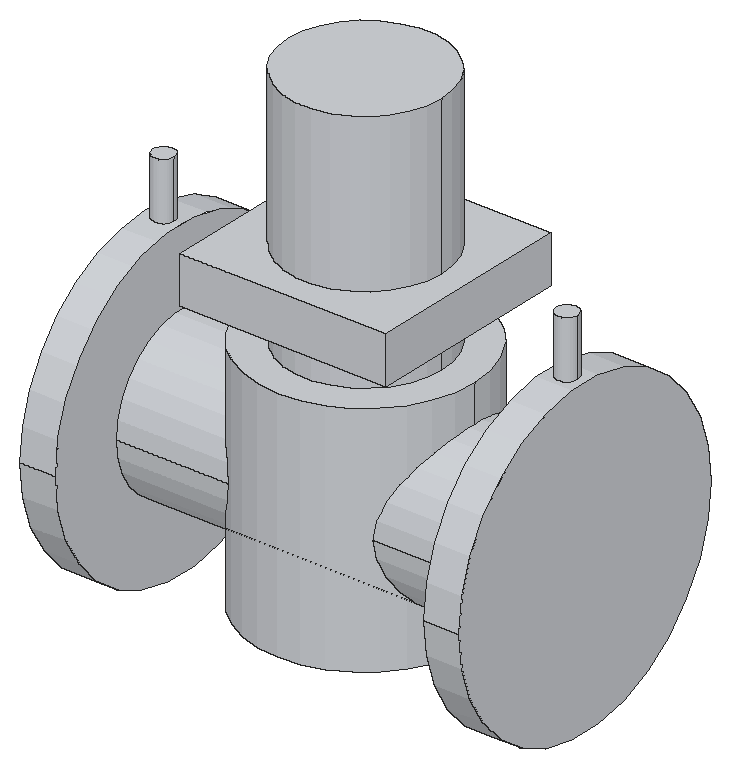
Revit family "PV_Compact_PN16_DN050_(50-200kPa)_RFA_2018", category Pipe Accessories, Revit 2018
Family settings
  Round Connector Dimension = Use Diameter
  Part Type = Valve - Breaks Into
  Work Plane-Based = No
  Always vertical = Yes
  Cut with Voids When Loaded = No
  Shared = No
Parameters (values of type "PV Compact PN16 DN050 (50-200kPa)")
  magiProductId = "81e9f5a937864fb894d80a4a75c60c"
  magiProductFamilyId = "c8b2eac19a98445b953ec5ab518664"
  magiPartTypeId = 304
  isMeasuringValve [instance] = no
  ang2D [instance] = 0.00°
  W2D = 50 mm
  VersionID = "2.0/2018.12.13.2/FRESE_PV_COMPACT_BIG_Q13_001"
  Use Minimum Symbol Size [instance] = no
  URL = "www.hydronic.cz"
  Type Comments = "PŘÍRUBOVÝ; PN16; dpmax=1000kPa; -10~+120°C"
  R4 = 40.25 mm
  R3 = 42.9 mm
  R1 = 57.5 mm
  QmdConnectorList = "301;D;302;D"
  Productdata [instance] = ""
  Manufacturer = "Hydronic Systems Prague s.r.o."
  Maintenance Zone Under Depth [instance] = 100 mm
  Maintenance Zone Right Depth [instance] = 100 mm
  Maintenance Zone Over Depth [instance] = 100 mm
  Maintenance Zone Left Depth [instance] = 100 mm
  Maintenance Zone Front Depth [instance] = 100 mm
  Maintenance Zone Back Depth [instance] = 100 mm
  Maintenance Zone Front Visibility [instance] = no
  MC Use Limits From Balancing Method = no
  MC Throttling Minimum Value = 0
  MC Throttling Maximum Value = 0
  MC Product Code = "53-3301 DN050 PN16; nastavitelný rozsah dp=50~200kPa; Q=5,1~20,5 m3/h;  kvs=29"
  MC Pressure Drop Minimum Value = 0.0 Pa
  MC Pressure Drop Maximum Value = 0.0 Pa
  MC Piping Given Pressure Drop [instance] = 0.0 Pa
  LF__ve = -LF  # -18.4 mm
  LF2 = 9.2 mm
  LF = 18.4 mm
  L4 = 108.1 mm
  L3 = 193.2 mm
  L2D_Min = 30.48 mm
  L2D = 230 mm
  L2 = 115 mm
  H6 = 82.25 mm
  H4 = 24.75 mm
  H3 = 20.625 mm
  H2 = 61.875 mm
  H1 = 123.75 mm
  Description = "Nastavitelný regulátor tlakové diference"
  DF2 = 82.5 mm
  D = 50 mm
  Clearance Zone Height Depth [instance] = 100 mm
  Clearance Zone Circular Radius [instance] = 115 mm
  Clearance Zone Visibility [instance] = no
  CAT0 = yes
Types (4, lengths in mm): name | magiProductId | R4 | R3 | R1 | MC Product Code | LF__ve | LF2 | LF | L4 | L3 | L2 | H6 | H4 | H3 | H2 | H1 | DF2 | D | Clearance Zone Circular Radius
  PV Compact PN16 DN050 (50-200kPa) | "81e9f5a937864fb894d80a4a75c60c" | 40.25 | 42.9 | 57.5 | "53-3301 DN050 PN16; nastavitelný rozsah dp=50~200kPa; Q=5,1~20,5 m3/h;  kvs=29" | -18.4 | 9.2 | 18.4 | 108.1 | 193.2 | 115 | 82.25 | 24.75 | 20.625 | 61.875 | 123.75 | 82.5 | 50 | 115
  PV Compact PN16 DN065 (50-200kPa) | "62e5150a15b74f6ebf91ec17767c09" | 50.75 | 48.1 | 72.5 | "53-3304 DN065 PN16; nastavitelný rozsah dp=50~200kPa; Q=7,4~29,7 m3/h;  kvs=42" | -23.2 | 11.6 | 23.2 | 136.3 | 243.6 | 145 | 105.25 | 27.75 | 23.125 | 69.375 | 138.75 | 92.5 | 65 | 145
  PV Compact PN16 DN080 (50-200kPa) | "56ecf79d7ca14ffb95f20ac45086c0" | 54.25 | 52 | 77.5 | "53-3307 DN080 PN16; nastavitelný rozsah dp=50~200kPa; Q=20,5~82,1 m3/h;  kvs=67" | -24.8 | 12.4 | 24.8 | 145.7 | 260.4 | 155 | 141 | 30 | 25 | 75 | 150 | 100 | 80 | 155
  PV Compact PN16 DN100 (50-200kPa) | "238894349c704e30980898d6a42884" | 61.25 | 61.1 | 87.5 | "53-3310 DN100 PN16; nastavitelný rozsah dp=50~200kPa; Q=20,3~81,3 m3/h;  kvs=115" | -28 | 14 | 28 | 164.5 | 294 | 175 | 234.75 | 35.25 | 29.375 | 88.125 | 176.25 | 117.5 | 100 | 175
Reference planes
  plane 1 "Center (Front/Back)": y = 0
  plane 2 "XYPLANE": z = 0
  plane 3 "Center (Left/Right)": x = 0
  plane 4 "257": y = -82.5
  plane 5 "256": y = 82.5
  plane 6 "255": z = -82.5
  plane 7 "254": y = -182.5
  plane 8 "253": y = 182.5
  plane 9 "252": x = -215
  plane 10 "251": x = 215
  plane 11 "250": z = 289.5
  plane 12 "249": z = -182.5
  plane 13 "248": z = 289.5
  plane 14 "247": z = 189.5
  plane 15 "157": x = 105.8
  plane 16 "156": x = -105.8
  plane 17 "155": z = 82.5
  plane 18 "154": z = 107.25
  plane 19 "153": z = 82.5
  plane 20 "152": z = 61.875
  plane 21 "151": x = -96.6
  plane 22 "150": z = -61.875
  plane 23 "149": x = 0
  plane 24 "148": y = 0
  plane 25 "147": z = 0
  plane 26 "146": x = -115
  plane 27 "145": x = 115
Forms (mm)
  Blend 1, solid, visible <- "Maintenance Zone Front Visibility"
    base sketch origin (-750, 0, -182.5) x (1, 0, 0) y (0, 1, 0)
      loop
        line (535, 182.5) -> (535, -182.5) -> (965, -182.5) -> (965, 182.5) -> (535, 182.5)
    top sketch origin (-750, 0, -182.5) x (1, 0, 0) y (0, 1, 0)
      loop
        line (535, 182.5) -> (535, -182.5) -> (965, -182.5) -> (965, 182.5) -> (535, 182.5)
    from 0 to 472
  Blend 2, solid, visible <- "Clearance Zone Visibility"
    base sketch origin (-750, 0, 0) x (1, 0, 0) y (0, 1, 0)
      loop
        circle (750, 0) r 115
    top sketch origin (-750, 0, 0) x (1, 0, 0) y (0, 1, 0)
      loop
        circle (750, 0) r 115
    from 0 to 289.5
  Extrusion 3, solid, visible <- "CAT0"
    sketch origin (-750, 0, 82.5) x (1, 0, 0) y (0, 1, 0)
      loop
        circle (855.8, 0) r 5.5
    from 0 to 30
  Extrusion 4, solid, visible <- "CAT0"
    sketch origin (-750, 0, 82.5) x (1, 0, 0) y (0, 1, 0)
      loop
        circle (644.2, 0) r 5.5
    from 0 to 30
  Extrusion 5, solid
    sketch origin (-750, 0, 107.25) x (1, 0, 0) y (0, 1, 0)
      loop
        circle (750, 0) r 40.25
    from 0 to 82.25 <- "H6"
  Extrusion 6, solid, visible <- "CAT0"
    sketch origin (-750, 0, 82.5) x (1, 0, 0) y (0, 1, 0)
      loop
        line (804.05, 54.05) -> (695.95, 54.05) -> (695.95, -54.05) -> (804.05, -54.05) -> (804.05, 54.05)
    from 0 to 24.75 <- "H4"
  Extrusion 7, solid, visible <- "CAT0"
    sketch origin (-750, 0, 61.875) x (1, 0, 0) y (0, 1, 0)
      loop
        circle (750, 0) r 40.25
    from 0 to 20.625 <- "H3"
  Extrusion 8, solid, visible <- "CAT0"
    sketch origin (-96.6, -750, 0) x (0, 1, 0) y (0, 0, 1)
      loop
        circle (750, 0) r 42.9
    from 0 to 193.2 <- "L3"
  Extrusion 9, solid, visible <- "CAT0"
    sketch origin (-750, 0, -61.875) x (1, 0, 0) y (0, 1, 0)
      loop
        circle (750, 0) r 57.5
    from 0 to 123.75 <- "H1"
  Extrusion 10, solid, visible <- "CAT0"
    sketch origin (-115, -750, 0) x (0, 1, 0) y (0, 0, 1)
      loop
        circle (750, 0) r 82.5
    from 0 to 18.4 <- "LF"
  Extrusion 11, solid, visible <- "CAT0"
    sketch origin (115, -750, 0) x (0, 1, 0) y (0, 0, 1)
      loop
        circle (750, 0) r 82.5
    from 0 to -18.4 <- "LF__ve"
  Extrusion 12, solid, not visible
    sketch origin (-115, -750, 0) x (0, 1, 0) y (0, 0, 1)
      loop
        circle (750, 0) r 10
    from 0 to 10
  Extrusion 13, solid, not visible
    sketch origin (115, -750, 0) x (0, 1, 0) y (0, 0, 1)
      loop
        circle (750, 0) r 10
    from 0 to -10
Lines and regions (mm)
  reference lines, not visible
    curve 1: circle (2, 2, 0) r 1 normal (0, 0, 1)
  reference lines
    curve 2: circle (0, 0, 82.5) r 1 normal (0, 0, 1)
Dimensions and locks
  plane 1 "Center (Front/Back)" to curve 1 = 2 mm
  "DF2": plane 24 "148" to plane 4 "257"
  "DF2": plane 24 "148" to plane 5 "256"
  "DF2": plane 25 "147" to plane 6 "255"
  "Maintenance Zone Front Depth": plane 4 "257" to plane 7 "254"
  "Maintenance Zone Back Depth": plane 5 "256" to plane 8 "253"
  "Maintenance Zone Left Depth": plane 26 "146" to plane 9 "252"
  "Maintenance Zone Right Depth": plane 27 "145" to plane 10 "251"
  "Maintenance Zone Over Depth": plane 14 "247" to plane 11 "250"
  "Maintenance Zone Under Depth": plane 6 "255" to plane 12 "249"
  "Clearance Zone Height Depth": plane 14 "247" to plane 13 "248"
  "H6": plane 18 "154" to plane 14 "247"
  "LF2": plane 27 "145" to plane 15 "157"
  "LF2": plane 26 "146" to plane 16 "156"
  "DF2": plane 2 "XYPLANE" to plane 17 "155"
  "H4": plane 19 "153" to plane 18 "154"
  "H3": plane 20 "152" to plane 19 "153"
  "H1": plane 22 "150" to plane 20 "152"
  "LF": plane 26 "146" to plane 21 "151"
  "H2": plane 2 "XYPLANE" to plane 22 "150"
  locked: plane 3 "Center (Left/Right)" to plane 23 "149"
  locked: plane 1 "Center (Front/Back)" to plane 24 "148"
  locked: plane 2 "XYPLANE" to plane 25 "147"
  "L2": plane 3 "Center (Left/Right)" to plane 26 "146"
  "L2": plane 3 "Center (Left/Right)" to plane 27 "145"
  Blend 1 sketch curve to Blend 1 sketch curve = 0 mm  (x16)
  equal spacing: Extrusion 6 sketch curve, curve 2, Extrusion 6 sketch curve  (x2)
  "L4": Extrusion 6 sketch curve to Extrusion 6 sketch curve  (x2)
  Extrusion 6 sketch curve to Extrusion 6 sketch curve = 0 mm  (x8)
  "Clearance Zone Circular Radius": radius of Blend 2 sketch curve  (x2)
  "R4": radius of Extrusion 5 sketch curve
  "R4": radius of Extrusion 7 sketch curve
  "R3": radius of Extrusion 8 sketch curve
  "R1": radius of Extrusion 9 sketch curve
  "DF2": radius of Extrusion 10 sketch curve
  "DF2": radius of Extrusion 11 sketch curve
  aligned and locked: level to plane 2 "XYPLANE"
  aligned and locked: Blend 1 sketch curve to plane 8 "253"  (x2)
  aligned and locked: plane 9 "252" to Blend 1 sketch curve  (x4)
  aligned and locked: plane 10 "251" to Blend 1 sketch curve  (x4)
  aligned and locked: plane 8 "253" to Blend 1 sketch curve  (x2)
  aligned and locked: plane 7 "254" to Blend 1 sketch curve  (x4)
  aligned and locked: plane 11 "250" to Blend 1
  aligned and locked: plane 23 "149" to Blend 2 sketch curve  (x2)
  aligned and locked: plane 24 "148" to Blend 2 sketch curve  (x2)
  aligned and locked: plane 13 "248" to Blend 2
  aligned and locked: plane 15 "157" to Extrusion 3 sketch curve
  aligned and locked: plane 24 "148" to Extrusion 3 sketch curve
  aligned and locked: plane 16 "156" to Extrusion 4 sketch curve
  aligned and locked: plane 24 "148" to Extrusion 4 sketch curve
  aligned and locked: plane 23 "149" to Extrusion 5 sketch curve
  aligned and locked: plane 24 "148" to Extrusion 5 sketch curve
  aligned and locked: plane 23 "149" to curve 2
  aligned and locked: plane 24 "148" to curve 2
  aligned and locked: plane 23 "149" to Extrusion 7 sketch curve
  aligned and locked: plane 24 "148" to Extrusion 7 sketch curve
  aligned and locked: Extrusion 8 sketch curve to plane 24 "148"
  aligned and locked: plane 25 "147" to Extrusion 8 sketch curve
  aligned and locked: plane 23 "149" to Extrusion 9 sketch curve
  aligned and locked: plane 24 "148" to Extrusion 9 sketch curve
  aligned and locked: Extrusion 10 sketch curve to plane 24 "148"
  aligned and locked: plane 25 "147" to Extrusion 10 sketch curve
  aligned and locked: Extrusion 11 sketch curve to plane 24 "148"
  aligned and locked: plane 25 "147" to Extrusion 11 sketch curve
  aligned and locked: Extrusion 12 sketch curve to plane 24 "148"
  aligned and locked: plane 25 "147" to Extrusion 12 sketch curve
  aligned and locked: Extrusion 13 sketch curve to plane 24 "148"
  aligned and locked: plane 25 "147" to Extrusion 13 sketch curve
Automatic sketch dimensions
  Extrusion 3 sketch curve to plane 15 "157" = 5.5 mm
  plane 26 "146" to Extrusion 4 sketch curve = 3.7 mm
  plane 1 "Center (Front/Back)" to Extrusion 12 sketch curve = 10 mm
  plane 1 "Center (Front/Back)" to Extrusion 13 sketch curve = 10 mm
  plane 3 "Center (Left/Right)" to curve 1 = 2 mm
  plane 21 "151" to Extrusion 6 sketch curve = 42.55 mm
  plane 4 "257" to Extrusion 6 sketch curve = 28.45 mm
  radius of curve 2 = 1 mm
  radius of curve 1 = 1 mm
Connectors
  piping at (-115, 0, 0), diameter 50, driven by "D"
    settings: on Extrusion 12, index 1, connector inside diameter 609.6 mm, connector length 0 mm, flow factor 0, pipe flow 0.0 L/s, pressure drop 0.0 Pa, fitting loss kfactor 0, connector angle 0.00°, fixture units 0, engagement length 0 mm, angle of deflection 0.00°, flow configuration 0, flow direction 0, fitting loss method 0, system type 29, joint type 0, gender type 0, connector reference index 2, connector utility 0, adjustable connector no, is connector primary yes, connector description ""
  piping at (115, 0, 0), diameter 50, driven by "D"
    settings: on Extrusion 13, index 2, connector inside diameter 609.6 mm, connector length 0 mm, flow factor 0, pipe flow 0.0 L/s, pressure drop 0.0 Pa, fitting loss kfactor 0, connector angle 0.00°, fixture units 0, engagement length 0 mm, angle of deflection 0.00°, flow configuration 0, flow direction 0, fitting loss method 0, system type 29, joint type 0, gender type 0, connector reference index 1, connector utility 0, adjustable connector no, is connector primary no, connector description ""
